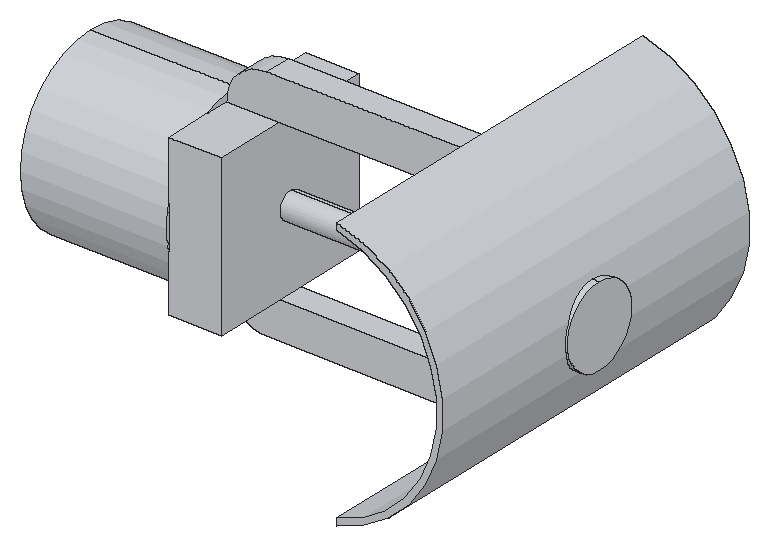
Revit family
Parameters (values of type "RASCO DH56")
  Temperature Rating = 200 °F
  Response = (empty or 0)
  RASCO SIN # = "RA1564"
  RASCO Part # = "DH562B"
  Pressure Rating = "250 PSI"
  Pressure Class = (empty or 0)
  Orifice Size = 1/2"
  Orifice = (empty or 0)
  Model = "DH56"
  Manufacturer = "RASCO"
  K-Factor = 5.6
  Diameter = 3/4"
  Description = "BRONZE FINISH"
  Coverage = (empty or 0)
Reference planes (in)
  plane 1 "Center (Front/Back)": y = 0
  plane 2: z = 0
  plane 3 "Center (Left/Right)": x = 0
Nested families (in)
  nested 1: "RASCO- DH56" at (-1.19729, -7.05097, 1.17818) x (0, 0, -1) z (1, 0, 0), type "RASCO DH56"
Connectors (in)
  piping at (-1.19729, -7.05097, 1.17818)
    settings: on nested 1, index 1, connector radius 107/256", flow factor 0, pipe flow 0 GPM, pressure drop 0.00 psi, fitting loss kfactor 0, connector angle 0.00°, fixture units 0, flow configuration 0, flow direction 0, fitting loss method 0, system type 7, connector reference index -1, connector utility 0, adjustable connector no, is connector primary yes, fitting loss table "", connector description ""
Definition of nested family "RASCO- DH56"
  Parameters (values of type "RASCO DH56")
    Type Comments = ""
    Temperature Rating = 0 °F
    Response = (empty or 0)
    Pressure Rating = "0"
    Pressure Class = (empty or 0)
    Orifice Size = 0"
    Orifice = (empty or 0)
    Model = ""
    Manufacturer = ""
    K-Factor = 0
    Description = ""
    Coverage = (empty or 0)
    Assembly Code = ""
  Reference planes (in)
    plane 1 "Center (Front/Back)": y = 0
    plane 2: z = 0
    plane 3 "ref.2": z = 0.6875
    plane 4 "ref.3": z = 0.9375
    plane 5: x = -0.38065
    plane 6: x = 0.36935
    plane 7 "ref. side 1": y = 0.06402
    plane 8 "ref. side 2": y = -0.06098
    plane 9 "ref.4": z = 1.875
    plane 10 "ref.5": z = 2.3125
    plane 11 "ref.6": z = 2.378
  Forms (in)
    Extrusion 1, solid
      sketch origin (0, 0, 0) x (1, 0, 0) y (0, 1, 0)
        loop
          circle (0, 0) r 0.4175
      from 0 to 0.6875
    Extrusion 2, solid
      sketch origin (-0.12185, 0.05177, 0.6875) x (1, 0, 0) y (0, 1, 0)
        loop
          line (-0.2588, 0.356) -> (-0.2588, -0.4565) -> (0.4912, -0.4565) -> (0.4912, 0.356) -> (-0.2588, 0.356)
      from 0 to 0.25
    Extrusion 3, solid
      sketch origin (0, 0, 0) x (1, 0, 0) y (0, 0, 1)
        loop
          line (-0.38065, 0.68752) -> (-0.38065, 1.76416)
          arc (-0.38065, 1.76416) -> (-0.29541, 1.96995) -> (-0.08962, 2.05519) r 0.29103
          line (-0.08962, 2.05519) -> (0.07524, 2.05519)
          arc (0.07524, 2.05519) -> (0.28321, 1.96905) -> (0.36935, 1.76109) r 0.29411
          line (0.36935, 1.76109) -> (0.36935, 0.6882)
          arc (0.36935, 0.6882) -> (0.49296, 0.74898) -> (0.54293, 0.87734) r 0.18984
          line (0.54293, 0.87734) -> (0.54293, 1.86676)
          arc (0.54293, 1.86676) -> (0.41238, 2.18194) -> (0.09719, 2.3125) r 0.44574
          line (0.09719, 2.3125) -> (-0.12912, 2.3125)
          arc (-0.12912, 2.3125) -> (-0.44418, 2.182) -> (-0.57469, 1.86694) r 0.44556
          line (-0.57469, 1.86694) -> (-0.57469, 0.87876)
          arc (-0.57469, 0.87876) -> (-0.51768, 0.74254) -> (-0.38065, 0.68752) r 0.19126
      from -0.06402 to 0.06098
    Extrusion 4, solid
      sketch origin (0, 0, 0.9375) x (-1, 0, 0) y (0, -1, 0)
        loop
          circle (0.00574, -0.00152) r 0.0625
      from 0 to 1.07045
    Extrusion 5, solid
      sketch origin (0, 0, 1.875) x (-1, 0, 0) y (0, -1, 0)
        loop
          circle (0.00574, -0.00152) r 0.1875
      from 0.13295 to 0.51958
    Extrusion 6, solid
      sketch origin (0, 0, 0) x (1, 0, 0) y (0, 0, 1)
        loop
          arc (-0.62702, 1.88209) -> (-0.01911, 2.35421) -> (0.5888, 1.88209) r 0.62744
          line (0.5888, 1.88209) -> (0.61971, 1.88209)
          arc (0.61971, 1.88209) -> (-0.01911, 2.38421) -> (-0.65794, 1.88209) r 0.65744
          line (-0.65794, 1.88209) -> (-0.62702, 1.88209)
      from -0.89604 to 0.90264
  Cuts and joins
    joined: Extrusion 1, Extrusion 2, Extrusion 4
  Lines and regions (in)
    model lines
      curve 1: line (-0.00574, 0.06402, 1.875) -> (-0.00574, -0.06098, 1.875)
  Dimensions and locks (in)
    Extrusion 3 to Extrusion 3 = 0' - 1.11762"
    Extrusion 5 to cut or joined group of Extrusion 1, Extrusion 2, Extrusion 4 = 0' - 2.39458"
